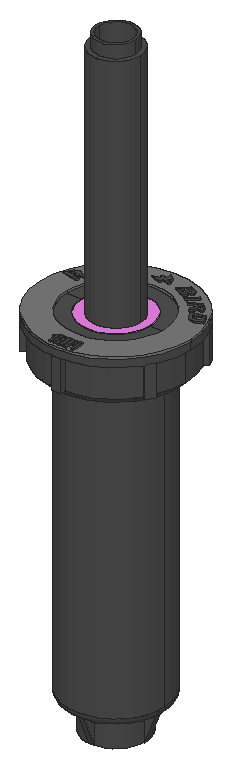
Revit family "Spray Bodies RD1800-NP Series", category Acessórios do tubo, Revit 2020
Family settings
  Cota do conector redondo = Utilizar diâmetro
  Tipo de parte = Normal
  Número OmniClass = 23.60.30.11.14
  Título OmniClass = Pipework Fittings
  Com base no plano de trabalho = Não
  Sempre na vertical = Sim
  Corte com vazios quando carregada = Não
  Compartilhado = Não
Parameters (values of type "RD1804-NP")
  White Plastic = Purple Plastic
  URL = "https://www.rainbird.com/"
  SupportProjetos: Reviw Date = "15/11/2020"  # constant formula
  SupportProjetos: Reviw = "R01"  # constant formula
  SupportProjetos: Level of Detail = "LOD 300"  # constant formula
  SupportProjetos: Developed = "MICHEL SOARES MOTA"  # constant formula
  SupportProjetos: Creation Date = "13/07/2020"  # constant formula
  Side inlet = Model > 1805  # no
  RainBird: Product Link = "https://store.rainbird.com/sprinklers/spray-heads.html?sprays_sprayheadseries=117"
  RainBird: Description = "Spray Bodies Serie RD1800-NP - Model RD1804-NP"
  RainBird: Comment [instance] = ""
  RT = 0.3015 cm
  RN = 1 cm
  R5 = 1 cm
  R4 = 1.25 cm
  R3 = 2 cm
  R2 = 2.85 cm
  R1 = 1 cm
  R-VAN = yes
  Pop up height = 10.2 cm
  Pop up on [instance] = yes
  Modelo = "RD1804"
  Model = 1804
  H1 = Body height / 3  # 5.0667 cm
  Elevação padrão = 0 cm
  Descrição = RainBird: Description  # "Spray Bodies Serie RD1800-NP - Model RD1804-NP"
  DT8 = 0.08 cm
  DT7 = 3.05 cm
  DT6 = 2 cm
  DT5 = 0.12 cm
  DT4 = 0.5 cm
  DT3 = 0.7973 cm
  DT2 = 1 cm
  DT1 = 1.4 cm
  DD9 = 1.3673 cm
  DD8 [instance] = if(Pop up on, Pop up height, 0 cm)  # 10.2 cm
  DD7 = 0.6 cm
  DD6 = 0.3 cm
  DD5 = 0.2 cm
  DD3 = 1.8 cm
  DD2 = 0.5 cm
  DD13 = 1.5 cm
  DD12 [instance] = if(Pop up on, Pop up height + 1.51 cm, 0 cm)  # 11.71 cm
  DD11 = 0.2 cm
  DD10 = 2.7818 cm
  DD1 = 1.2 cm
  Conection = 1.91 cm  # constant formula
  Body height = 15.2 cm
  Black Plastic 2 = Black Plastic 2
  Black Plastic = Black Plastic
  Arch Angle [instance] = 180.00°
  AA1 = 135.00°
  1812 = no
  1806 = no
  1804 = yes
  180 = yes
Reference planes (cm)
  plane 1 "Centro (Frente/Trás)": y = 0
  plane 2: z = 0
  plane 3 "Centro (Esquerda/Direita)": x = 0
  plane 4: z = 0.12
  plane 5: z = 0.08
  plane 6: y = -2
Forms (cm)
  Revolve 1, solid, material "Black Plastic" <- "Black Plastic"
    sketch origin (0, 0, 0) x (1, 0, 0) y (0, 0, 1)
      loop
        line (2.85, -1.5672) -> (2.85, -0.3) -> (3.05, -0.3) -> (3.05, 0) -> (1.4, 0) -> (1.4, -1) -> (1, -1) -> (1, -10.2) -> (0.6, -10.2) -> (0.6, -14) -> (1, -14) -> (1, -15.2) -> (1.25, -15.2) -> (1.25, -14) -> (1.6985, -14)
        arc (1.6985, -14) -> (1.9117, -13.9117) -> (2, -13.6985) r 0.3015
        line (2, -13.6985) -> (2, -2.1015)
        arc (2, -2.1015) -> (2.0883, -1.8883) -> (2.3015, -1.8) r 0.3015
        line (2.3015, -1.8) -> (2.6172, -1.8) -> (2.85, -1.5672)
      axis (0, -15.2) -> (0, 0)
    angle from 0 to 360
  Extrusion 2, solid, material "Black Plastic" <- "Black Plastic"
    sketch origin (0, 0, 0) x (1, 0, 0) y (0, 1, 0)
      loop
        circle (0, 0) r 1
    from -10.2 to 10.2
  Extrusion 3, void
    sketch origin (0, 0, 0) x (1, 0, 0) y (0, 1, 0)
      loop
        circle (0, 0) r 1
      loop
        circle (0, 0) r 0.7973
    from 9.7 to 10.2
  Extrusion 4, solid, material "Black Plastic" <- "Black Plastic", visible <- "180"
    sketch origin (0, -2.5, 0) x (1, 0, 0) y (0, 1, 0)
      loop
        line (-2.231, 3.2135) -> (-2.1644, 3.3339) -> (-2.3679, 3.3844) -> (-2.2992, 3.5085) -> (-2.0365, 3.4904) -> (-1.9715, 3.608) -> (-2.2887, 3.6298) -> (-2.4263, 3.706) -> (-2.6398, 3.6445) -> (-2.8298, 3.3622) -> (-2.231, 3.2135)
      loop
        line (-2.6663, 3.4585) -> (-2.4339, 3.4008) -> (-2.3526, 3.5478) -> (-2.4178, 3.6107) -> (-2.5587, 3.5701) -> (-2.6663, 3.4585)
      loop
        line (-1.9163, 3.7039) -> (-1.8175, 3.8064) -> (-1.8808, 3.8933) -> (-1.7232, 4.0568) -> (-1.6371, 4.0092) -> (-1.5763, 4.1193) -> (-2.1283, 4.1963) -> (-2.2118, 4.1098) -> (-1.9163, 3.7039)
      loop
        line (-2.0723, 4.0915) -> (-1.9537, 3.9286) -> (-1.8139, 4.0736) -> (-2.0723, 4.0915)
      loop
        line (-1.8177, 4.5186) -> (-1.3486, 4.2146) -> (-1.2727, 4.2934) -> (-1.7417, 4.5974) -> (-1.8177, 4.5186)
      loop
        line (-1.1151, 4.372) -> (-1.0305, 4.4599) -> (-1.2636, 4.6846) -> (-0.7593, 4.6142) -> (-0.6667, 4.7103) -> (-1.0803, 5.0567) -> (-1.1605, 4.9984) -> (-0.8466, 4.7354) -> (-1.4131, 4.8145) -> (-1.5049, 4.7477) -> (-1.1151, 4.372)
      loop
        line (-0.4562, 4.9237) -> (-0.283, 4.8466) -> (-0.0843, 4.7934) -> (0, 4.9138) -> (0.2358, 4.8722) -> (0.2981, 4.9345) -> (0.116, 5.0156) -> (0.2085, 5.1477) -> (-0.0336, 5.3172) -> (-0.0336, 5.1849) -> (-0.0336, 5.0821) -> (-0.1724, 5.1439) -> (-0.2428, 5.1033) -> (-0.1476, 5.0081) -> (-0.274, 4.9621) -> (-0.4562, 4.9237)
      loop
        line (0.6147, 4.7728) -> (0.9327, 4.5929) -> (1.0885, 4.5721) -> (1.1808, 4.6694) -> (1.1317, 4.7723) -> (1.2619, 4.7549) -> (1.334, 4.8309) -> (1.2754, 4.9539) -> (0.9573, 5.1338) -> (0.6147, 4.7728)
      loop
        line (0.8462, 4.8897) -> (0.7501, 4.7884) -> (0.9556, 4.6722) -> (1.0744, 4.6732) -> (1.0734, 4.7801) -> (0.8462, 4.8897)
      loop
        line (0.9989, 5.0507) -> (0.9222, 4.9699) -> (1.1173, 4.8595) -> (1.2037, 4.8602) -> (1.1883, 4.9435) -> (0.9989, 5.0507)
      loop
        line (1.2199, 4.4305) -> (1.3171, 4.3754) -> (1.7079, 4.7092) -> (1.6106, 4.7642) -> (1.2199, 4.4305)
      loop
        line (1.9335, 4.5079) -> (1.472, 4.2878) -> (1.5637, 4.2008) -> (1.7245, 4.2775) -> (1.8813, 4.1484) -> (1.7689, 4.0299) -> (1.857, 3.9063) -> (1.985, 3.9976) -> (2.0031, 4.1334) -> (2.1114, 4.0951) -> (2.2369, 4.155) -> (2.156, 4.3246) -> (1.9335, 4.5079)
      loop
        line (1.9261, 4.4053) -> (1.8225, 4.3559) -> (1.9436, 4.2141) -> (2.1112, 4.2155) -> (2.0556, 4.3321) -> (1.9261, 4.4053)
      loop
        line (1.9557, 3.8215) -> (2.1968, 3.4836) -> (2.3925, 3.4143) -> (2.7137, 3.5675) -> (2.6804, 3.6964) -> (2.4921, 3.9603) -> (1.9557, 3.8215)
      loop
        line (2.1302, 3.7523) -> (2.2577, 3.5736) -> (2.4889, 3.5756) -> (2.5959, 3.652) -> (2.4629, 3.8384) -> (2.1302, 3.7523)
      loop
        line (-0.516, -0.0627) -> (-0.4245, -0.0627) -> (-0.4245, -0.3834) -> (-0.3366, -0.3834) -> (-0.3366, 0.1166) -> (-0.516, -0.0627)
      loop
        line (-0.2745, 0.1165) -> (-0.2745, -0.3834) -> (-0.0345, -0.3834) -> (-0.0345, 0.1165) -> (-0.2745, 0.1165)
      loop
        line (-0.1945, 0.0365) -> (-0.1945, -0.0861) -> (-0.1145, -0.0861) -> (-0.1145, 0.0365) -> (-0.1945, 0.0365)
      loop
        line (-0.1945, -0.1661) -> (-0.1945, -0.3034) -> (-0.1145, -0.3034) -> (-0.1145, -0.1661) -> (-0.1945, -0.1661)
      loop
        line (0.0395, 0.1165) -> (0.0395, -0.3834) -> (0.2795, -0.3834) -> (0.2795, 0.1165) -> (0.0395, 0.1165)
      loop
        line (0.1195, 0.0365) -> (0.1195, -0.3034) -> (0.1995, -0.3034) -> (0.1995, 0.0365) -> (0.1195, 0.0365)
    from 0 to 0.12
  Extrusion 5, solid, material "Black Plastic 2" <- "Black Plastic 2"
    sketch origin (0, 0, 0) x (1, 0, 0) y (0, 1, 0)
      loop
        circle (0, 0) r 3.05
      loop
        circle (0, 0) r 2
    from 0 to 0.08
  Extrusion 6, solid, material "Black Plastic" <- "Black Plastic", visible <- "Side inlet"
    sketch origin (0, 0, 0) x (1, 0, 0) y (0, 0, 1)
      loop
        circle (0, -5.0667) r 1
    from 2 to 3.3673
  Extrusion 7, solid, material "Black Plastic" <- "Black Plastic", visible <- "Side inlet"
    sketch origin (0, 0, 0) x (1, 0, 0) y (0, 0, 1)
      loop
        circle (0, -5.0667) r 0.7964
    from 3.3673 to 3.8673
  Extrusion 8, void
    sketch origin (0, 0, 0) x (1, 0, 0) y (0, 1, 0)
      loop
        circle (0, 0) r 0.6963
    from -10.2 to 10.2
  Extrusion 9, solid, material "Black Plastic" <- "Black Plastic"
    sketch origin (0, 0, 0) x (0, 1, 0) y (0, 0, 1)
      loop
        line (1.25, -14) -> (1.25, -15.2) -> (1.75, -14) -> (1.25, -14)
      loop
        line (-1.25, -14) -> (-1.75, -14) -> (-1.25, -15.2) -> (-1.25, -14)
    from -0.1 to 0.1
  Extrusion 10, solid, material "Black Plastic" <- "Black Plastic"
    sketch origin (0, 0, 0) x (-1, 0, 0) y (0, 0, 1)
      loop
        line (1.25, -14) -> (1.25, -15.2) -> (1.75, -14) -> (1.25, -14)
      loop
        line (-1.25, -14) -> (-1.75, -14) -> (-1.25, -15.2) -> (-1.25, -14)
    from -0.1 to 0.1
  Extrusion 11, solid, material "Black Plastic" <- "Black Plastic", visible <- "1804"
    sketch origin (0.5778, -2.5, 0) x (1, 0, 0) y (0, 1, 0)
      loop
        line (-0.268, -0.156) -> (-0.108, -0.156) -> (-0.108, -0.3834) -> (-0.024, -0.3834) -> (-0.024, 0.1165) -> (-0.108, 0.1165) -> (-0.108, -0.0861) -> (-0.188, -0.0861) -> (-0.188, 0.1165) -> (-0.268, 0.1165) -> (-0.268, -0.156)
    from 0 to 0.12
  Extrusion 12, solid, material "Black Plastic" <- "Black Plastic", visible <- "1806"
    sketch origin (0.5778, -2.5, 0) x (1, 0, 0) y (0, 1, 0)
      loop
        line (-0.268, -0.3834) -> (-0.024, -0.3834) -> (-0.024, -0.0861) -> (-0.188, -0.0861) -> (-0.188, 0.0365) -> (-0.024, 0.0365) -> (-0.024, 0.1165) -> (-0.268, 0.1165) -> (-0.268, -0.3834)
      loop
        line (-0.188, -0.1661) -> (-0.188, -0.3034) -> (-0.108, -0.3034) -> (-0.108, -0.1661) -> (-0.188, -0.1661)
    from 0 to 0.12
  Extrusion 13, solid, material "Black Plastic" <- "Black Plastic", visible <- "1812"
    sketch origin (0, -2.5, 0) x (1, 0, 0) y (0, 1, 0)
      loop
        line (-2.231, 3.2135) -> (-2.1644, 3.3339) -> (-2.3679, 3.3844) -> (-2.2992, 3.5085) -> (-2.0365, 3.4904) -> (-1.9715, 3.608) -> (-2.2887, 3.6298) -> (-2.4263, 3.706) -> (-2.6398, 3.6445) -> (-2.8298, 3.3622) -> (-2.231, 3.2135)
      loop
        line (-2.6663, 3.4585) -> (-2.4339, 3.4008) -> (-2.3526, 3.5478) -> (-2.4178, 3.6107) -> (-2.5587, 3.5701) -> (-2.6663, 3.4585)
      loop
        line (-1.9163, 3.7039) -> (-1.8175, 3.8064) -> (-1.8808, 3.8933) -> (-1.7232, 4.0568) -> (-1.6371, 4.0092) -> (-1.5763, 4.1193) -> (-2.1283, 4.1963) -> (-2.2118, 4.1098) -> (-1.9163, 3.7039)
      loop
        line (-2.0723, 4.0915) -> (-1.9537, 3.9286) -> (-1.8139, 4.0736) -> (-2.0723, 4.0915)
      loop
        line (-1.8177, 4.5186) -> (-1.3486, 4.2146) -> (-1.2727, 4.2934) -> (-1.7417, 4.5974) -> (-1.8177, 4.5186)
      loop
        line (-1.1151, 4.372) -> (-1.0305, 4.4599) -> (-1.2636, 4.6846) -> (-0.7593, 4.6142) -> (-0.6667, 4.7103) -> (-1.0803, 5.0567) -> (-1.1605, 4.9984) -> (-0.8466, 4.7354) -> (-1.4131, 4.8145) -> (-1.5049, 4.7477) -> (-1.1151, 4.372)
      loop
        line (-0.4562, 4.9237) -> (-0.283, 4.8466) -> (-0.0843, 4.7934) -> (0, 4.9138) -> (0.2358, 4.8722) -> (0.2981, 4.9345) -> (0.116, 5.0156) -> (0.2085, 5.1477) -> (-0.0336, 5.3172) -> (-0.0336, 5.1849) -> (-0.0336, 5.0821) -> (-0.1724, 5.1439) -> (-0.2428, 5.1033) -> (-0.1476, 5.0081) -> (-0.274, 4.9621) -> (-0.4562, 4.9237)
      loop
        line (0.6147, 4.7728) -> (0.9327, 4.5929) -> (1.0885, 4.5721) -> (1.1808, 4.6694) -> (1.1317, 4.7723) -> (1.2619, 4.7549) -> (1.334, 4.8309) -> (1.2754, 4.9539) -> (0.9573, 5.1338) -> (0.6147, 4.7728)
      loop
        line (0.8462, 4.8897) -> (0.7501, 4.7884) -> (0.9556, 4.6722) -> (1.0744, 4.6732) -> (1.0734, 4.7801) -> (0.8462, 4.8897)
      loop
        line (0.9989, 5.0507) -> (0.9222, 4.9699) -> (1.1173, 4.8595) -> (1.2037, 4.8602) -> (1.1883, 4.9435) -> (0.9989, 5.0507)
      loop
        line (1.2199, 4.4305) -> (1.3171, 4.3754) -> (1.7079, 4.7092) -> (1.6106, 4.7642) -> (1.2199, 4.4305)
      loop
        line (1.9335, 4.5079) -> (1.472, 4.2878) -> (1.5637, 4.2008) -> (1.7245, 4.2775) -> (1.8813, 4.1484) -> (1.7689, 4.0299) -> (1.857, 3.9063) -> (1.985, 3.9976) -> (2.0031, 4.1334) -> (2.1114, 4.0951) -> (2.2369, 4.155) -> (2.156, 4.3246) -> (1.9335, 4.5079)
      loop
        line (1.9261, 4.4053) -> (1.8225, 4.3559) -> (1.9436, 4.2141) -> (2.1112, 4.2155) -> (2.0556, 4.3321) -> (1.9261, 4.4053)
      loop
        line (1.9557, 3.8215) -> (2.1968, 3.4836) -> (2.3925, 3.4143) -> (2.7137, 3.5675) -> (2.6804, 3.6964) -> (2.4921, 3.9603) -> (1.9557, 3.8215)
      loop
        line (2.1302, 3.7523) -> (2.2577, 3.5736) -> (2.4889, 3.5756) -> (2.5959, 3.652) -> (2.4629, 3.8384) -> (2.1302, 3.7523)
      loop
        line (-0.516, -0.0625) -> (-0.4245, -0.0625) -> (-0.4245, -0.3832) -> (-0.3366, -0.3832) -> (-0.3366, 0.1168) -> (-0.516, -0.0625)
      loop
        line (-0.2745, 0.1166) -> (-0.2745, -0.3832) -> (-0.0345, -0.3832) -> (-0.0345, 0.1166) -> (-0.2745, 0.1166)
      loop
        line (-0.1945, 0.0366) -> (-0.1945, -0.086) -> (-0.1145, -0.086) -> (-0.1145, 0.0366) -> (-0.1945, 0.0366)
      loop
        line (-0.1945, -0.166) -> (-0.1945, -0.3032) -> (-0.1145, -0.3032) -> (-0.1145, -0.166) -> (-0.1945, -0.166)
      loop
        line (0.2795, 0.1166) -> (0.1002, -0.0625) -> (0.1916, -0.0625) -> (0.1916, -0.3831) -> (0.2795, -0.3831) -> (0.2795, 0.1166)
      loop
        line (0.3097, 0.1165) -> (0.3097, 0.0365) -> (0.4697, 0.0365) -> (0.4697, -0.0861) -> (0.3097, -0.0861) -> (0.3097, -0.3834) -> (0.5537, -0.3834) -> (0.5537, -0.3032) -> (0.3897, -0.3032) -> (0.3897, -0.1664) -> (0.5537, -0.1664) -> (0.5537, 0.1165) -> (0.3097, 0.1165)
    from 0 to 0.12
  Extrusion 14, solid, material "Black Plastic" <- "Black Plastic"
    sketch origin (0, 0, 0) x (1, 0, 0) y (0, 1, 0)
      loop
        line (-0.1873, 3.0442) -> (-0.1873, 2.8126)
        arc (-0.1873, 2.8126) -> (0, 2.8188) -> (0.1873, 2.8126) r 2.8188
        line (0.1873, 2.8126) -> (0.1873, 3.0442)
        arc (0.1873, 3.0442) -> (0, 3.05) -> (-0.1873, 3.0442) r 3.05
      loop
        arc (-0.1873, -3.0442) -> (0, -3.05) -> (0.1873, -3.0442) r 3.05
        line (0.1873, -3.0442) -> (0.1873, -2.8126)
        arc (0.1873, -2.8126) -> (0, -2.8188) -> (-0.1873, -2.8126) r 2.8188
        line (-0.1873, -2.8126) -> (-0.1873, -3.0442)
      loop
        line (-2.73, 1.3599) -> (-2.5294, 1.2441)
        arc (-2.5294, 1.2441) -> (-2.4411, 1.4094) -> (-2.3421, 1.5685) r 2.8188
        line (-2.3421, 1.5685) -> (-2.5427, 1.6843)
        arc (-2.5427, 1.6843) -> (-2.6414, 1.525) -> (-2.73, 1.3599) r 3.05
      loop
        arc (2.5427, -1.6843) -> (2.6414, -1.525) -> (2.73, -1.3599) r 3.05
        line (2.73, -1.3599) -> (2.5294, -1.2441)
        arc (2.5294, -1.2441) -> (2.4411, -1.4094) -> (2.3421, -1.5685) r 2.8188
        line (2.3421, -1.5685) -> (2.5427, -1.6843)
      loop
        line (-2.5427, -1.6843) -> (-2.3421, -1.5685)
        arc (-2.3421, -1.5685) -> (-2.4411, -1.4094) -> (-2.5294, -1.2441) r 2.8188
        line (-2.5294, -1.2441) -> (-2.73, -1.3599)
        arc (-2.73, -1.3599) -> (-2.6414, -1.525) -> (-2.5427, -1.6843) r 3.05
      loop
        arc (2.73, 1.3599) -> (2.6414, 1.525) -> (2.5427, 1.6843) r 3.05
        line (2.5427, 1.6843) -> (2.3421, 1.5685)
        arc (2.3421, 1.5685) -> (2.4411, 1.4094) -> (2.5294, 1.2441) r 2.8188
        line (2.5294, 1.2441) -> (2.73, 1.3599)
    from -1.5672 to -0.3
Cuts and joins
  Extrusion 3, Extrusion 8 cuts Extrusion 2
Dimensions and locks (cm)
  "Body height": level to Revolve 1 sketch curve
  "R2": Revolve 1 sketch curve to plane 3 "Centro (Esquerda/Direita)"
  "DD1": Revolve 1 sketch curve to Revolve 1 sketch curve
  "DD3": level to Revolve 1 sketch curve
  "R3": Revolve 1 sketch curve to plane 3 "Centro (Esquerda/Direita)"
  "R4": Revolve 1 sketch curve to plane 3 "Centro (Esquerda/Direita)"
  "DD5": Revolve 1 sketch curve to Revolve 1 sketch curve
  "DD6": level to Revolve 1 sketch curve
  "RN": Revolve 1 sketch curve to plane 3 "Centro (Esquerda/Direita)"
  "Pop up height": level to Revolve 1 sketch curve
  "R5": plane 3 "Centro (Esquerda/Direita)" to Revolve 1 sketch curve
  "DD7": Revolve 1 sketch curve to plane 3 "Centro (Esquerda/Direita)"
  "DT1": plane 3 "Centro (Esquerda/Direita)" to Revolve 1 sketch curve
  "DT2": level to Revolve 1 sketch curve
  "DD8": Extrusion 2 to level
  "DT4": cut or joined group of Extrusion 2, Extrusion 3, Extrusion 8 to cut or joined group of Extrusion 2, Extrusion 3, Extrusion 8
  "DT5": plane 4 to level
  "DT8": plane 5 to level
  "H1": level to Extrusion 6 sketch curve
  "R3": plane 6 to plane 1 "Centro (Frente/Trás)"
  "DD9": Extrusion 6 to plane 6
  locked: Extrusion 7 to Extrusion 6 at 0.5
  "H1": level to Extrusion 7 sketch curve
  equal spacing: Extrusion 9, plane 3 "Centro (Esquerda/Direita)", Extrusion 9
  "DD11": Extrusion 9 to Extrusion 9
  equal spacing: Extrusion 10, plane 1 "Centro (Frente/Trás)", Extrusion 10
  "DD11": Extrusion 10 to Extrusion 10
  plane 3 "Centro (Esquerda/Direita)" to Extrusion 14 = 0.1873 cm
  "RT": radius of Revolve 1 sketch curve  (x2)
  "R1": radius of Extrusion 2 sketch curve
  "R1": radius of Extrusion 3 sketch curve
  "DT3": radius of Extrusion 3 sketch curve
  "DT6": radius of Extrusion 5 sketch curve
  "DT7": radius of Extrusion 5 sketch curve
  "AA1": angle Revolve 1 sketch curve to Revolve 1 sketch curve
  aligned and locked: level to plane 2
  aligned and locked: level to Revolve 1 sketch curve
  aligned and locked: Revolve 1 sketch curve to Revolve 1 sketch curve
  aligned and locked: Extrusion 2 to Revolve 1
  aligned and locked: cut or joined group of Extrusion 2, Extrusion 3, Extrusion 8 to cut or joined group of Extrusion 2, Extrusion 3, Extrusion 8  (x3)
  aligned and locked: Extrusion 4 to level
  aligned and locked: plane 4 to Extrusion 4
  aligned and locked: Extrusion 5 to level
  aligned and locked: plane 5 to Extrusion 5
  aligned and locked: plane 6 to Extrusion 6
  aligned and locked: Extrusion 7 to Extrusion 6
  aligned and locked: Extrusion 9 to Revolve 1
  aligned and locked: Extrusion 10 to Revolve 1
  aligned and locked: Revolve 1 to Extrusion 10
  aligned and locked: Revolve 1 to Extrusion 9
  aligned and locked: Revolve 1 to Extrusion 14  (x2)
Automatic sketch dimensions
  plane 1 "Centro (Frente/Trás)" to Extrusion 2 sketch curve = 0 cm
  Extrusion 2 sketch curve to plane 3 "Centro (Esquerda/Direita)" = 0 cm
  Extrusion 4 sketch curve to plane 3 "Centro (Esquerda/Direita)" = 0 cm
  Extrusion 4 sketch curve to plane 3 "Centro (Esquerda/Direita)" = 0.0336 cm
  Extrusion 4 sketch curve to plane 3 "Centro (Esquerda/Direita)" = 0.0345 cm
  Extrusion 4 sketch curve to plane 3 "Centro (Esquerda/Direita)" = 0.0843 cm
  Extrusion 4 sketch curve to plane 3 "Centro (Esquerda/Direita)" = 0.1145 cm
  Extrusion 4 sketch curve to Extrusion 4 sketch curve = 0.08 cm  (x11)
  Extrusion 4 sketch curve to Extrusion 4 sketch curve = 0.114 cm
  Extrusion 4 sketch curve to Extrusion 4 sketch curve = 0.0248 cm
  Extrusion 4 sketch curve to Extrusion 4 sketch curve = 0.0704 cm
  Extrusion 4 sketch curve to Extrusion 4 sketch curve = 0.1264 cm
  Extrusion 4 sketch curve to Extrusion 4 sketch curve = 0.009 cm
  Extrusion 4 sketch curve to Extrusion 4 sketch curve = 0.0622 cm  (x3)
  Extrusion 4 sketch curve to Extrusion 4 sketch curve = 0.0879 cm
  Extrusion 4 sketch curve to Extrusion 4 sketch curve = 0.1822 cm
  Extrusion 4 sketch curve to Extrusion 4 sketch curve = 0.0914 cm
  Extrusion 4 sketch curve to Extrusion 4 sketch curve = 0.2105 cm
  Extrusion 4 sketch curve to Extrusion 4 sketch curve = 0.0927 cm
  Extrusion 4 sketch curve to Extrusion 4 sketch curve = 0.0872 cm  (x2)
  Extrusion 4 sketch curve to Extrusion 4 sketch curve = 0.2711 cm
  Extrusion 4 sketch curve to Extrusion 4 sketch curve = 0.2338 cm
  Extrusion 4 sketch curve to Extrusion 4 sketch curve = 0.0847 cm  (x2)
  Extrusion 4 sketch curve to Extrusion 4 sketch curve = 0.0802 cm
  Extrusion 4 sketch curve to Extrusion 4 sketch curve = 0.2331 cm
  Extrusion 4 sketch curve to Extrusion 4 sketch curve = 0.1575 cm
  Extrusion 4 sketch curve to Extrusion 4 sketch curve = 0.0759 cm  (x2)
  Extrusion 4 sketch curve to Extrusion 4 sketch curve = 0.1495 cm
  Extrusion 4 sketch curve to Extrusion 4 sketch curve = 0.0917 cm  (x2)
  Extrusion 4 sketch curve to Extrusion 4 sketch curve = 0.2277 cm
  Extrusion 4 sketch curve to Extrusion 4 sketch curve = 0.0609 cm  (x2)
  Extrusion 4 sketch curve to Extrusion 4 sketch curve = 0.0861 cm
  Extrusion 4 sketch curve to Extrusion 4 sketch curve = 0.2369 cm
  Extrusion 4 sketch curve to Extrusion 4 sketch curve = 0.0907 cm
  Extrusion 4 sketch curve to Extrusion 4 sketch curve = 0.0037 cm
  Extrusion 4 sketch curve to Extrusion 4 sketch curve = 0.0633 cm
  Extrusion 4 sketch curve to Extrusion 4 sketch curve = 0.0988 cm
  Extrusion 4 sketch curve to Extrusion 4 sketch curve = 0.0729 cm
  Extrusion 4 sketch curve to Extrusion 4 sketch curve = 0.0551 cm
  Extrusion 4 sketch curve to plane 1 "Centro (Frente/Trás)" = 0.9904 cm
  Extrusion 4 sketch curve to Extrusion 4 sketch curve = 0.065 cm
  Extrusion 4 sketch curve to Extrusion 4 sketch curve = 0.1186 cm
  Extrusion 4 sketch curve to Extrusion 4 sketch curve = 0.056 cm
  Extrusion 4 sketch curve to plane 1 "Centro (Frente/Trás)" = 0.8339 cm
  Extrusion 4 sketch curve to Extrusion 4 sketch curve = 0.1279 cm
  Extrusion 4 sketch curve to Extrusion 4 sketch curve = 0.0835 cm
  Extrusion 4 sketch curve to plane 1 "Centro (Frente/Trás)" = 0.7135 cm
  Extrusion 4 sketch curve to Extrusion 4 sketch curve = 0.0666 cm  (x2)
  Extrusion 4 sketch curve to plane 1 "Centro (Frente/Trás)" = 1.1298 cm
  Extrusion 4 sketch curve to Extrusion 4 sketch curve = 0.2521 cm
  Extrusion 4 sketch curve to plane 1 "Centro (Frente/Trás)" = 1.0085 cm
  Extrusion 4 sketch curve to Extrusion 4 sketch curve = 0.0106 cm
  Extrusion 4 sketch curve to plane 1 "Centro (Frente/Trás)" = 1.0478 cm
  Extrusion 4 sketch curve to Extrusion 4 sketch curve = 0.0534 cm
  Extrusion 4 sketch curve to plane 1 "Centro (Frente/Trás)" = 0.8844 cm
  Extrusion 4 sketch curve to Extrusion 4 sketch curve = 0.0686 cm
  Extrusion 4 sketch curve to plane 1 "Centro (Frente/Trás)" = 1.1107 cm
  Extrusion 4 sketch curve to Extrusion 4 sketch curve = 0.0652 cm
  Extrusion 4 sketch curve to plane 1 "Centro (Frente/Trás)" = 1.206 cm
  Extrusion 4 sketch curve to Extrusion 4 sketch curve = 0.0084 cm
  Extrusion 4 sketch curve to plane 1 "Centro (Frente/Trás)" = 0.9008 cm
  Extrusion 4 sketch curve to Extrusion 4 sketch curve = 0.066 cm
  Extrusion 4 sketch curve to plane 1 "Centro (Frente/Trás)" = 1.0701 cm
  Extrusion 4 sketch curve to Extrusion 4 sketch curve = 0.1408 cm
  Extrusion 4 sketch curve to plane 1 "Centro (Frente/Trás)" = 1.1445 cm
  Extrusion 4 sketch curve to Extrusion 4 sketch curve = 0.0811 cm  (x2)
  Extrusion 4 sketch curve to plane 1 "Centro (Frente/Trás)" = 0.9585 cm
  Extrusion 4 sketch curve to Extrusion 4 sketch curve = 0.1076 cm
  Extrusion 4 sketch curve to plane 1 "Centro (Frente/Trás)" = 0.8622 cm
  Extrusion 4 sketch curve to Extrusion 4 sketch curve = 0.1635 cm
  plane 3 "Centro (Esquerda/Direita)" to Extrusion 4 sketch curve = 0.0395 cm
  plane 3 "Centro (Esquerda/Direita)" to Extrusion 4 sketch curve = 0.116 cm
  Extrusion 4 sketch curve to Extrusion 4 sketch curve = 0.0925 cm
  Extrusion 4 sketch curve to Extrusion 4 sketch curve = 0.1199 cm
  Extrusion 4 sketch curve to Extrusion 4 sketch curve = 0.3166 cm
  Extrusion 4 sketch curve to Extrusion 4 sketch curve = 0.1353 cm
  Extrusion 4 sketch curve to Extrusion 4 sketch curve = 0.0961 cm  (x2)
  Extrusion 4 sketch curve to Extrusion 4 sketch curve = 0.076 cm  (x2)
  Extrusion 4 sketch curve to Extrusion 4 sketch curve = 0.1827 cm
  Extrusion 4 sketch curve to Extrusion 4 sketch curve = 0.0229 cm
  Extrusion 4 sketch curve to Extrusion 4 sketch curve = 0.0351 cm
  Extrusion 4 sketch curve to Extrusion 4 sketch curve = 0.0416 cm
  Extrusion 4 sketch curve to Extrusion 4 sketch curve = 0.1178 cm
  Extrusion 4 sketch curve to Extrusion 4 sketch curve = 0.0009 cm
  Extrusion 4 sketch curve to Extrusion 4 sketch curve = 0.0141 cm
  Extrusion 4 sketch curve to Extrusion 4 sketch curve = 0.0439 cm
  Extrusion 4 sketch curve to Extrusion 4 sketch curve = 0.0583 cm
  Extrusion 4 sketch curve to Extrusion 4 sketch curve = 0.1064 cm
  Extrusion 4 sketch curve to Extrusion 4 sketch curve = 0.071 cm
  Extrusion 4 sketch curve to Extrusion 4 sketch curve = 0.0154 cm
  Extrusion 4 sketch curve to Extrusion 4 sketch curve = 0.1314 cm
  Extrusion 4 sketch curve to Extrusion 4 sketch curve = 0.0871 cm
  Extrusion 4 sketch curve to Extrusion 4 sketch curve = 0.0973 cm  (x3)
  Extrusion 4 sketch curve to Extrusion 4 sketch curve = 0.0721 cm
  Extrusion 4 sketch curve to Extrusion 4 sketch curve = 0.1549 cm
  Extrusion 4 sketch curve to Extrusion 4 sketch curve = 0.2766 cm
  Extrusion 4 sketch curve to Extrusion 4 sketch curve = 0.1608 cm
  Extrusion 4 sketch curve to Extrusion 4 sketch curve = 0.0443 cm
  Extrusion 4 sketch curve to Extrusion 4 sketch curve = 0.098 cm
  Extrusion 4 sketch curve to Extrusion 4 sketch curve = 0.0882 cm
  Extrusion 4 sketch curve to Extrusion 4 sketch curve = 0.1125 cm
  Extrusion 4 sketch curve to Extrusion 4 sketch curve = 0.1036 cm
  Extrusion 4 sketch curve to Extrusion 4 sketch curve = 0.0073 cm
  Extrusion 4 sketch curve to Extrusion 4 sketch curve = 0.0623 cm
  Extrusion 4 sketch curve to Extrusion 4 sketch curve = 0.0987 cm
  Extrusion 4 sketch curve to Extrusion 4 sketch curve = 0.128 cm
  Extrusion 4 sketch curve to Extrusion 4 sketch curve = 0.0595 cm
  Extrusion 4 sketch curve to Extrusion 4 sketch curve = 0.1295 cm
  Extrusion 4 sketch curve to Extrusion 4 sketch curve = 0.0556 cm
  Extrusion 4 sketch curve to Extrusion 4 sketch curve = 0.1083 cm
  Extrusion 4 sketch curve to Extrusion 4 sketch curve = 0.1745 cm
  Extrusion 4 sketch curve to Extrusion 4 sketch curve = 0.1004 cm
  Extrusion 4 sketch curve to plane 1 "Centro (Frente/Trás)" = 0.9836 cm
  Extrusion 4 sketch curve to Extrusion 4 sketch curve = 0.1255 cm
  Extrusion 4 sketch curve to plane 1 "Centro (Frente/Trás)" = 1.0736 cm
  Extrusion 4 sketch curve to plane 1 "Centro (Frente/Trás)" = 0.9143 cm
  Extrusion 4 sketch curve to Extrusion 4 sketch curve = 0.1957 cm
  Extrusion 4 sketch curve to Extrusion 4 sketch curve = 0.2053 cm
  Extrusion 4 sketch curve to plane 1 "Centro (Frente/Trás)" = 1.0756 cm
  Extrusion 4 sketch curve to Extrusion 4 sketch curve = 0.0964 cm
  Extrusion 4 sketch curve to Extrusion 4 sketch curve = 0.0292 cm
  Extrusion 4 sketch curve to plane 1 "Centro (Frente/Trás)" = 1.152 cm
  Extrusion 4 sketch curve to Extrusion 4 sketch curve = 0.107 cm
  Extrusion 4 sketch curve to plane 1 "Centro (Frente/Trás)" = 1.1964 cm
  Extrusion 4 sketch curve to Extrusion 4 sketch curve = 0.0844 cm
  Extrusion 4 sketch curve to plane 1 "Centro (Frente/Trás)" = 1.0675 cm
  Extrusion 4 sketch curve to Extrusion 4 sketch curve = 0.0333 cm
  Extrusion 4 sketch curve to plane 6 = 0.3834 cm
  Extrusion 4 sketch curve to Extrusion 4 sketch curve = 0.0001 cm
  Extrusion 4 sketch curve to Extrusion 4 sketch curve = 0 cm  (x4)
  Extrusion 4 sketch curve to Extrusion 4 sketch curve = 0.1793 cm
  Extrusion 4 sketch curve to Extrusion 4 sketch curve = 0.1226 cm
  Extrusion 4 sketch curve to Extrusion 4 sketch curve = 0.1372 cm
  Extrusion 4 sketch curve to Extrusion 4 sketch curve = 0.1176 cm
  Extrusion 4 sketch curve to Extrusion 4 sketch curve = 0.096 cm
  Extrusion 4 sketch curve to Extrusion 4 sketch curve = 0.1787 cm
  Extrusion 4 sketch curve to Extrusion 4 sketch curve = 0.1025 cm
  Extrusion 4 sketch curve to Extrusion 4 sketch curve = 0.0692 cm
  Extrusion 4 sketch curve to Extrusion 4 sketch curve = 0.0869 cm
  Extrusion 4 sketch curve to Extrusion 4 sketch curve = 0.0353 cm
  Extrusion 4 sketch curve to Extrusion 4 sketch curve = 0.1219 cm
  Extrusion 4 sketch curve to Extrusion 4 sketch curve = 0.0913 cm
  Extrusion 4 sketch curve to Extrusion 4 sketch curve = 0.1159 cm
  Extrusion 4 sketch curve to Extrusion 4 sketch curve = 0.0476 cm
  Extrusion 4 sketch curve to Extrusion 4 sketch curve = 0.0168 cm
  Extrusion 4 sketch curve to Extrusion 4 sketch curve = 0.1629 cm
  Extrusion 4 sketch curve to Extrusion 4 sketch curve = 0.0975 cm
  Extrusion 4 sketch curve to Extrusion 4 sketch curve = 0.0183 cm
  Extrusion 4 sketch curve to Extrusion 4 sketch curve = 0.0383 cm
  Extrusion 4 sketch curve to Extrusion 4 sketch curve = 0.015 cm
  Extrusion 4 sketch curve to Extrusion 4 sketch curve = 0.0599 cm
  Extrusion 4 sketch curve to Extrusion 4 sketch curve = 0.1049 cm
  Extrusion 4 sketch curve to Extrusion 4 sketch curve = 0.1709 cm
  Extrusion 4 sketch curve to Extrusion 4 sketch curve = 0.0657 cm
  Extrusion 4 sketch curve to Extrusion 4 sketch curve = 0.0953 cm
  Extrusion 4 sketch curve to Extrusion 4 sketch curve = 0.1091 cm
  Extrusion 4 sketch curve to Extrusion 4 sketch curve = 0.0767 cm
  Extrusion 4 sketch curve to Extrusion 4 sketch curve = 0.087 cm
  Extrusion 4 sketch curve to Extrusion 4 sketch curve = 0.0788 cm  (x3)
  Extrusion 4 sketch curve to Extrusion 4 sketch curve = 0.0074 cm
  Extrusion 4 sketch curve to Extrusion 4 sketch curve = 0.0783 cm
  Extrusion 4 sketch curve to Extrusion 4 sketch curve = 0.0787 cm
  Extrusion 4 sketch curve to Extrusion 4 sketch curve = 0.0876 cm
  Extrusion 4 sketch curve to Extrusion 4 sketch curve = 0.0494 cm
  Extrusion 4 sketch curve to Extrusion 4 sketch curve = 0.055 cm  (x2)
  Extrusion 4 sketch curve to Extrusion 4 sketch curve = 0.0878 cm
  Extrusion 4 sketch curve to Extrusion 4 sketch curve = 0.1026 cm
  Extrusion 4 sketch curve to Extrusion 4 sketch curve = 0.2291 cm
  Extrusion 4 sketch curve to Extrusion 4 sketch curve = 0.1417 cm
  Extrusion 4 sketch curve to Extrusion 4 sketch curve = 0.0208 cm
  Extrusion 4 sketch curve to Extrusion 4 sketch curve = 0.1543 cm
  Extrusion 4 sketch curve to Extrusion 4 sketch curve = 0.0792 cm
  Extrusion 4 sketch curve to Extrusion 4 sketch curve = 0.1011 cm
  Extrusion 4 sketch curve to Extrusion 4 sketch curve = 0.2013 cm
  Extrusion 4 sketch curve to Extrusion 4 sketch curve = 0.1212 cm
  Extrusion 4 sketch curve to Extrusion 4 sketch curve = 0.0855 cm
  Extrusion 4 sketch curve to Extrusion 4 sketch curve = 0.0078 cm
  Extrusion 4 sketch curve to Extrusion 4 sketch curve = 0.1007 cm
  Extrusion 4 sketch curve to Extrusion 4 sketch curve = 0.0156 cm
  Extrusion 4 sketch curve to Extrusion 4 sketch curve = 0.0831 cm
  Extrusion 4 sketch curve to Extrusion 4 sketch curve = 0.0668 cm
  Extrusion 4 sketch curve to Extrusion 4 sketch curve = 0.0532 cm
  Extrusion 4 sketch curve to Extrusion 4 sketch curve = 0.0008 cm
  Extrusion 4 sketch curve to Extrusion 4 sketch curve = 0.1013 cm
  Extrusion 4 sketch curve to Extrusion 4 sketch curve = 0.1204 cm
  Extrusion 4 sketch curve to Extrusion 4 sketch curve = 0.0771 cm
  Extrusion 4 sketch curve to Extrusion 4 sketch curve = 0.0832 cm  (x2)
  Extrusion 4 sketch curve to Extrusion 4 sketch curve = 0.0104 cm
  Extrusion 4 sketch curve to Extrusion 4 sketch curve = 0.1155 cm
  Extrusion 4 sketch curve to Extrusion 4 sketch curve = 0.0801 cm
  Extrusion 4 sketch curve to Extrusion 4 sketch curve = 0.1839 cm
  Extrusion 4 sketch curve to Extrusion 4 sketch curve = 0.046 cm
  Extrusion 4 sketch curve to Extrusion 4 sketch curve = 0.1018 cm
  Extrusion 4 sketch curve to Extrusion 4 sketch curve = 0.0808 cm
  Extrusion 4 sketch curve to Extrusion 4 sketch curve = 0.0584 cm
  Extrusion 4 sketch curve to Extrusion 4 sketch curve = 0.074 cm
  Extrusion 4 sketch curve to Extrusion 4 sketch curve = 0.0952 cm
  Extrusion 4 sketch curve to Extrusion 4 sketch curve = 0.0406 cm
  Extrusion 4 sketch curve to Extrusion 4 sketch curve = 0.1321 cm
  Extrusion 4 sketch curve to Extrusion 4 sketch curve = 0.1028 cm
  plane 1 "Centro (Frente/Trás)" to Extrusion 8 sketch curve = 0 cm
  Extrusion 8 sketch curve to plane 3 "Centro (Esquerda/Direita)" = 0 cm
  plane 6 to Extrusion 9 sketch curve = 0.25 cm
  plane 6 to Extrusion 9 sketch curve = 0.75 cm
  Extrusion 9 sketch curve to plane 1 "Centro (Frente/Trás)" = 1.25 cm
  Extrusion 9 sketch curve to Extrusion 9 sketch curve = 0.5 cm
  Extrusion 9 sketch curve to level = 15.2 cm
  Extrusion 9 sketch curve to Extrusion 9 sketch curve = 0 cm
  Extrusion 9 sketch curve to Extrusion 9 sketch curve = 1.2 cm  (x2)
  plane 3 "Centro (Esquerda/Direita)" to Extrusion 10 sketch curve = 1.75 cm
  plane 3 "Centro (Esquerda/Direita)" to Extrusion 10 sketch curve = 1.25 cm
  Extrusion 10 sketch curve to plane 3 "Centro (Esquerda/Direita)" = 1.25 cm
  Extrusion 10 sketch curve to Extrusion 10 sketch curve = 0.5 cm
  Extrusion 10 sketch curve to level = 15.2 cm
  Extrusion 10 sketch curve to Extrusion 10 sketch curve = 0 cm
  Extrusion 10 sketch curve to Extrusion 10 sketch curve = 1.2 cm  (x2)
  plane 3 "Centro (Esquerda/Direita)" to Extrusion 11 sketch curve = 0.3097 cm
  Extrusion 11 sketch curve to Extrusion 11 sketch curve = 0.08 cm  (x2)
  Extrusion 11 sketch curve to Extrusion 11 sketch curve = 0 cm  (x2)
  Extrusion 11 sketch curve to Extrusion 11 sketch curve = 0.084 cm
  Extrusion 11 sketch curve to plane 6 = 0.8834 cm
  Extrusion 11 sketch curve to Extrusion 11 sketch curve = 0.2273 cm
  Extrusion 11 sketch curve to Extrusion 11 sketch curve = 0.0699 cm
  Extrusion 11 sketch curve to Extrusion 11 sketch curve = 0.2026 cm
  plane 3 "Centro (Esquerda/Direita)" to Extrusion 12 sketch curve = 0.3097 cm
  Extrusion 12 sketch curve to Extrusion 12 sketch curve = 0.08 cm  (x6)
  Extrusion 12 sketch curve to Extrusion 12 sketch curve = 0.084 cm
  Extrusion 12 sketch curve to Extrusion 12 sketch curve = 0.164 cm
  Extrusion 12 sketch curve to plane 6 = 0.8834 cm
  Extrusion 12 sketch curve to Extrusion 12 sketch curve = 0.1372 cm
  Extrusion 12 sketch curve to Extrusion 12 sketch curve = 0.1226 cm
  Extrusion 13 sketch curve to plane 3 "Centro (Esquerda/Direita)" = 0 cm
  Extrusion 13 sketch curve to plane 3 "Centro (Esquerda/Direita)" = 0.0336 cm
  Extrusion 13 sketch curve to plane 3 "Centro (Esquerda/Direita)" = 0.0345 cm
  Extrusion 13 sketch curve to plane 3 "Centro (Esquerda/Direita)" = 0.0843 cm
  Extrusion 13 sketch curve to plane 3 "Centro (Esquerda/Direita)" = 0.1145 cm
  Extrusion 13 sketch curve to Extrusion 13 sketch curve = 0 cm  (x2)
  Extrusion 13 sketch curve to Extrusion 13 sketch curve = 0.114 cm
  Extrusion 13 sketch curve to Extrusion 13 sketch curve = 0.0248 cm
  Extrusion 13 sketch curve to Extrusion 13 sketch curve = 0.08 cm  (x8)
  Extrusion 13 sketch curve to Extrusion 13 sketch curve = 0.0704 cm
  Extrusion 13 sketch curve to Extrusion 13 sketch curve = 0.1264 cm
  Extrusion 13 sketch curve to Extrusion 13 sketch curve = 0.009 cm
  Extrusion 13 sketch curve to Extrusion 13 sketch curve = 0.0622 cm  (x3)
  Extrusion 13 sketch curve to Extrusion 13 sketch curve = 0.0879 cm  (x2)
  Extrusion 13 sketch curve to Extrusion 13 sketch curve = 0.1822 cm
  Extrusion 13 sketch curve to Extrusion 13 sketch curve = 0.0914 cm
  Extrusion 13 sketch curve to Extrusion 13 sketch curve = 0.2105 cm
  Extrusion 13 sketch curve to Extrusion 13 sketch curve = 0.0927 cm
  Extrusion 13 sketch curve to Extrusion 13 sketch curve = 0.0872 cm  (x2)
  Extrusion 13 sketch curve to Extrusion 13 sketch curve = 0.2711 cm
  Extrusion 13 sketch curve to Extrusion 13 sketch curve = 0.2338 cm
  Extrusion 13 sketch curve to Extrusion 13 sketch curve = 0.0847 cm  (x2)
  Extrusion 13 sketch curve to Extrusion 13 sketch curve = 0.0802 cm
  Extrusion 13 sketch curve to Extrusion 13 sketch curve = 0.2331 cm
  Extrusion 13 sketch curve to Extrusion 13 sketch curve = 0.1575 cm
  Extrusion 13 sketch curve to Extrusion 13 sketch curve = 0.0759 cm  (x2)
  Extrusion 13 sketch curve to Extrusion 13 sketch curve = 0.1495 cm
  Extrusion 13 sketch curve to Extrusion 13 sketch curve = 0.0917 cm  (x2)
  Extrusion 13 sketch curve to Extrusion 13 sketch curve = 0.2277 cm
  Extrusion 13 sketch curve to Extrusion 13 sketch curve = 0.0609 cm  (x2)
  Extrusion 13 sketch curve to Extrusion 13 sketch curve = 0.0861 cm
  Extrusion 13 sketch curve to Extrusion 13 sketch curve = 0.2369 cm
  Extrusion 13 sketch curve to Extrusion 13 sketch curve = 0.0907 cm
  Extrusion 13 sketch curve to Extrusion 13 sketch curve = 0.0037 cm
  Extrusion 13 sketch curve to Extrusion 13 sketch curve = 0.0633 cm
  Extrusion 13 sketch curve to Extrusion 13 sketch curve = 0.0988 cm
  Extrusion 13 sketch curve to Extrusion 13 sketch curve = 0.0729 cm
  Extrusion 13 sketch curve to Extrusion 13 sketch curve = 0.0551 cm
  Extrusion 13 sketch curve to plane 1 "Centro (Frente/Trás)" = 0.9904 cm
  Extrusion 13 sketch curve to Extrusion 13 sketch curve = 0.065 cm
  Extrusion 13 sketch curve to Extrusion 13 sketch curve = 0.1186 cm
  Extrusion 13 sketch curve to Extrusion 13 sketch curve = 0.056 cm
  Extrusion 13 sketch curve to plane 1 "Centro (Frente/Trás)" = 0.8339 cm
  Extrusion 13 sketch curve to Extrusion 13 sketch curve = 0.1279 cm
  Extrusion 13 sketch curve to Extrusion 13 sketch curve = 0.0835 cm
  Extrusion 13 sketch curve to plane 1 "Centro (Frente/Trás)" = 0.7135 cm
  Extrusion 13 sketch curve to Extrusion 13 sketch curve = 0.0666 cm  (x2)
  Extrusion 13 sketch curve to plane 1 "Centro (Frente/Trás)" = 1.1298 cm
  Extrusion 13 sketch curve to Extrusion 13 sketch curve = 0.2521 cm
  Extrusion 13 sketch curve to plane 1 "Centro (Frente/Trás)" = 1.0085 cm
  Extrusion 13 sketch curve to Extrusion 13 sketch curve = 0.0106 cm
  Extrusion 13 sketch curve to plane 1 "Centro (Frente/Trás)" = 1.0478 cm
  Extrusion 13 sketch curve to Extrusion 13 sketch curve = 0.0534 cm
  Extrusion 13 sketch curve to plane 1 "Centro (Frente/Trás)" = 0.8844 cm
  Extrusion 13 sketch curve to Extrusion 13 sketch curve = 0.0686 cm
  Extrusion 13 sketch curve to plane 1 "Centro (Frente/Trás)" = 1.1107 cm
  Extrusion 13 sketch curve to Extrusion 13 sketch curve = 0.0652 cm
  Extrusion 13 sketch curve to plane 1 "Centro (Frente/Trás)" = 1.206 cm
  Extrusion 13 sketch curve to Extrusion 13 sketch curve = 0.0084 cm
  Extrusion 13 sketch curve to plane 1 "Centro (Frente/Trás)" = 0.9008 cm
  Extrusion 13 sketch curve to Extrusion 13 sketch curve = 0.066 cm
  Extrusion 13 sketch curve to plane 1 "Centro (Frente/Trás)" = 1.0701 cm
  Extrusion 13 sketch curve to Extrusion 13 sketch curve = 0.1408 cm
  Extrusion 13 sketch curve to plane 1 "Centro (Frente/Trás)" = 1.1445 cm
  Extrusion 13 sketch curve to Extrusion 13 sketch curve = 0.0811 cm  (x2)
  Extrusion 13 sketch curve to plane 1 "Centro (Frente/Trás)" = 0.9585 cm
  Extrusion 13 sketch curve to Extrusion 13 sketch curve = 0.1076 cm
  Extrusion 13 sketch curve to plane 1 "Centro (Frente/Trás)" = 0.8622 cm
  Extrusion 13 sketch curve to Extrusion 13 sketch curve = 0.1635 cm
  plane 3 "Centro (Esquerda/Direita)" to Extrusion 13 sketch curve = 0.1002 cm
  plane 3 "Centro (Esquerda/Direita)" to Extrusion 13 sketch curve = 0.116 cm
  plane 3 "Centro (Esquerda/Direita)" to Extrusion 13 sketch curve = 0.1916 cm
  Extrusion 13 sketch curve to Extrusion 13 sketch curve = 0.0925 cm
  Extrusion 13 sketch curve to Extrusion 13 sketch curve = 0.1199 cm
  Extrusion 13 sketch curve to Extrusion 13 sketch curve = 0.0302 cm  (x2)
  Extrusion 13 sketch curve to Extrusion 13 sketch curve = 0.16 cm
  Extrusion 13 sketch curve to Extrusion 13 sketch curve = 0.164 cm
  Extrusion 13 sketch curve to Extrusion 13 sketch curve = 0.3166 cm
  Extrusion 13 sketch curve to Extrusion 13 sketch curve = 0.1353 cm
  Extrusion 13 sketch curve to Extrusion 13 sketch curve = 0.0961 cm  (x2)
  Extrusion 13 sketch curve to Extrusion 13 sketch curve = 0.076 cm  (x2)
  Extrusion 13 sketch curve to Extrusion 13 sketch curve = 0.1827 cm
  Extrusion 13 sketch curve to Extrusion 13 sketch curve = 0.0229 cm
  Extrusion 13 sketch curve to Extrusion 13 sketch curve = 0.0351 cm
  Extrusion 13 sketch curve to Extrusion 13 sketch curve = 0.0416 cm
  Extrusion 13 sketch curve to Extrusion 13 sketch curve = 0.1178 cm
  Extrusion 13 sketch curve to Extrusion 13 sketch curve = 0.0009 cm
  Extrusion 13 sketch curve to Extrusion 13 sketch curve = 0.0141 cm
  Extrusion 13 sketch curve to Extrusion 13 sketch curve = 0.0439 cm
  Extrusion 13 sketch curve to Extrusion 13 sketch curve = 0.0583 cm
  Extrusion 13 sketch curve to Extrusion 13 sketch curve = 0.1064 cm
  Extrusion 13 sketch curve to Extrusion 13 sketch curve = 0.071 cm
  Extrusion 13 sketch curve to Extrusion 13 sketch curve = 0.0154 cm
  Extrusion 13 sketch curve to Extrusion 13 sketch curve = 0.1314 cm
  Extrusion 13 sketch curve to Extrusion 13 sketch curve = 0.0871 cm
  Extrusion 13 sketch curve to Extrusion 13 sketch curve = 0.0973 cm  (x3)
  Extrusion 13 sketch curve to Extrusion 13 sketch curve = 0.0721 cm
  Extrusion 13 sketch curve to Extrusion 13 sketch curve = 0.1549 cm
  Extrusion 13 sketch curve to Extrusion 13 sketch curve = 0.2766 cm
  Extrusion 13 sketch curve to Extrusion 13 sketch curve = 0.1608 cm
  Extrusion 13 sketch curve to Extrusion 13 sketch curve = 0.0443 cm
  Extrusion 13 sketch curve to Extrusion 13 sketch curve = 0.098 cm
  Extrusion 13 sketch curve to Extrusion 13 sketch curve = 0.0882 cm
  Extrusion 13 sketch curve to Extrusion 13 sketch curve = 0.1125 cm
  Extrusion 13 sketch curve to Extrusion 13 sketch curve = 0.1036 cm
  Extrusion 13 sketch curve to Extrusion 13 sketch curve = 0.0073 cm
  Extrusion 13 sketch curve to Extrusion 13 sketch curve = 0.0623 cm
  Extrusion 13 sketch curve to Extrusion 13 sketch curve = 0.0987 cm
  Extrusion 13 sketch curve to Extrusion 13 sketch curve = 0.128 cm
  Extrusion 13 sketch curve to Extrusion 13 sketch curve = 0.0595 cm
  Extrusion 13 sketch curve to Extrusion 13 sketch curve = 0.1295 cm
  Extrusion 13 sketch curve to Extrusion 13 sketch curve = 0.0556 cm
  Extrusion 13 sketch curve to Extrusion 13 sketch curve = 0.1083 cm
  Extrusion 13 sketch curve to Extrusion 13 sketch curve = 0.1745 cm
  Extrusion 13 sketch curve to Extrusion 13 sketch curve = 0.1004 cm
  Extrusion 13 sketch curve to plane 1 "Centro (Frente/Trás)" = 0.9836 cm
  Extrusion 13 sketch curve to Extrusion 13 sketch curve = 0.1255 cm
  Extrusion 13 sketch curve to plane 1 "Centro (Frente/Trás)" = 1.0736 cm
  Extrusion 13 sketch curve to plane 1 "Centro (Frente/Trás)" = 0.9143 cm
  Extrusion 13 sketch curve to Extrusion 13 sketch curve = 0.1957 cm
  Extrusion 13 sketch curve to Extrusion 13 sketch curve = 0.2053 cm
  Extrusion 13 sketch curve to plane 1 "Centro (Frente/Trás)" = 1.0756 cm
  Extrusion 13 sketch curve to Extrusion 13 sketch curve = 0.0964 cm
  Extrusion 13 sketch curve to Extrusion 13 sketch curve = 0.0292 cm
  Extrusion 13 sketch curve to plane 1 "Centro (Frente/Trás)" = 1.152 cm
  Extrusion 13 sketch curve to Extrusion 13 sketch curve = 0.107 cm
  Extrusion 13 sketch curve to plane 1 "Centro (Frente/Trás)" = 1.1964 cm
  Extrusion 13 sketch curve to Extrusion 13 sketch curve = 0.0844 cm
  Extrusion 13 sketch curve to plane 1 "Centro (Frente/Trás)" = 1.0675 cm
  Extrusion 13 sketch curve to Extrusion 13 sketch curve = 0.0333 cm
  Extrusion 13 sketch curve to plane 6 = 0.3832 cm
  Extrusion 13 sketch curve to plane 6 = 0.3834 cm
  Extrusion 13 sketch curve to Extrusion 13 sketch curve = 0.0001 cm  (x2)
  Extrusion 13 sketch curve to Extrusion 13 sketch curve = 0.1793 cm
  Extrusion 13 sketch curve to Extrusion 13 sketch curve = 0.1792 cm
  Extrusion 13 sketch curve to Extrusion 13 sketch curve = 0.1226 cm  (x2)
  Extrusion 13 sketch curve to Extrusion 13 sketch curve = 0.0803 cm
  Extrusion 13 sketch curve to Extrusion 13 sketch curve = 0.1369 cm  (x2)
  Extrusion 13 sketch curve to Extrusion 13 sketch curve = 0.1372 cm
  Extrusion 13 sketch curve to Extrusion 13 sketch curve = 0.0799 cm
  Extrusion 13 sketch curve to Extrusion 13 sketch curve = 0.0801 cm  (x2)
  Extrusion 13 sketch curve to Extrusion 13 sketch curve = 0.1176 cm
  Extrusion 13 sketch curve to Extrusion 13 sketch curve = 0.096 cm
  Extrusion 13 sketch curve to Extrusion 13 sketch curve = 0.1787 cm
  Extrusion 13 sketch curve to Extrusion 13 sketch curve = 0.1025 cm
  Extrusion 13 sketch curve to Extrusion 13 sketch curve = 0.0692 cm
  Extrusion 13 sketch curve to Extrusion 13 sketch curve = 0.0869 cm
  Extrusion 13 sketch curve to Extrusion 13 sketch curve = 0.0353 cm
  Extrusion 13 sketch curve to Extrusion 13 sketch curve = 0.1219 cm
  Extrusion 13 sketch curve to Extrusion 13 sketch curve = 0.0913 cm
  Extrusion 13 sketch curve to Extrusion 13 sketch curve = 0.1159 cm
  Extrusion 13 sketch curve to Extrusion 13 sketch curve = 0.0476 cm
  Extrusion 13 sketch curve to Extrusion 13 sketch curve = 0.0168 cm
  Extrusion 13 sketch curve to Extrusion 13 sketch curve = 0.1629 cm
  Extrusion 13 sketch curve to Extrusion 13 sketch curve = 0.0975 cm
  Extrusion 13 sketch curve to Extrusion 13 sketch curve = 0.0183 cm
  Extrusion 13 sketch curve to Extrusion 13 sketch curve = 0.0383 cm
  Extrusion 13 sketch curve to Extrusion 13 sketch curve = 0.015 cm
  Extrusion 13 sketch curve to Extrusion 13 sketch curve = 0.0599 cm
  Extrusion 13 sketch curve to Extrusion 13 sketch curve = 0.1049 cm
  Extrusion 13 sketch curve to Extrusion 13 sketch curve = 0.1709 cm
  Extrusion 13 sketch curve to Extrusion 13 sketch curve = 0.0657 cm
  Extrusion 13 sketch curve to Extrusion 13 sketch curve = 0.0953 cm
  Extrusion 13 sketch curve to Extrusion 13 sketch curve = 0.1091 cm
  Extrusion 13 sketch curve to Extrusion 13 sketch curve = 0.0767 cm
  Extrusion 13 sketch curve to Extrusion 13 sketch curve = 0.087 cm
  Extrusion 13 sketch curve to Extrusion 13 sketch curve = 0.0788 cm  (x3)
  Extrusion 13 sketch curve to Extrusion 13 sketch curve = 0.0074 cm
  Extrusion 13 sketch curve to Extrusion 13 sketch curve = 0.0783 cm
  Extrusion 13 sketch curve to Extrusion 13 sketch curve = 0.0787 cm
  Extrusion 13 sketch curve to Extrusion 13 sketch curve = 0.0876 cm
  Extrusion 13 sketch curve to Extrusion 13 sketch curve = 0.0494 cm
  Extrusion 13 sketch curve to Extrusion 13 sketch curve = 0.055 cm  (x2)
  Extrusion 13 sketch curve to Extrusion 13 sketch curve = 0.0878 cm
  Extrusion 13 sketch curve to Extrusion 13 sketch curve = 0.1026 cm
  Extrusion 13 sketch curve to Extrusion 13 sketch curve = 0.2291 cm
  Extrusion 13 sketch curve to Extrusion 13 sketch curve = 0.1417 cm
  Extrusion 13 sketch curve to Extrusion 13 sketch curve = 0.0208 cm
  Extrusion 13 sketch curve to Extrusion 13 sketch curve = 0.1543 cm
  Extrusion 13 sketch curve to Extrusion 13 sketch curve = 0.0792 cm
  Extrusion 13 sketch curve to Extrusion 13 sketch curve = 0.1011 cm
  Extrusion 13 sketch curve to Extrusion 13 sketch curve = 0.2013 cm
  Extrusion 13 sketch curve to Extrusion 13 sketch curve = 0.1212 cm
  Extrusion 13 sketch curve to Extrusion 13 sketch curve = 0.0855 cm
  Extrusion 13 sketch curve to Extrusion 13 sketch curve = 0.0078 cm
  Extrusion 13 sketch curve to Extrusion 13 sketch curve = 0.1007 cm
  Extrusion 13 sketch curve to Extrusion 13 sketch curve = 0.0156 cm
  Extrusion 13 sketch curve to Extrusion 13 sketch curve = 0.0831 cm
  Extrusion 13 sketch curve to Extrusion 13 sketch curve = 0.0668 cm
  Extrusion 13 sketch curve to Extrusion 13 sketch curve = 0.0532 cm
  Extrusion 13 sketch curve to Extrusion 13 sketch curve = 0.0008 cm
  Extrusion 13 sketch curve to Extrusion 13 sketch curve = 0.1013 cm
  Extrusion 13 sketch curve to Extrusion 13 sketch curve = 0.1204 cm
  Extrusion 13 sketch curve to Extrusion 13 sketch curve = 0.0771 cm
  Extrusion 13 sketch curve to Extrusion 13 sketch curve = 0.0832 cm  (x2)
  Extrusion 13 sketch curve to Extrusion 13 sketch curve = 0.0104 cm
  Extrusion 13 sketch curve to Extrusion 13 sketch curve = 0.1155 cm
  Extrusion 13 sketch curve to Extrusion 13 sketch curve = 0.1839 cm
  Extrusion 13 sketch curve to Extrusion 13 sketch curve = 0.046 cm
  Extrusion 13 sketch curve to Extrusion 13 sketch curve = 0.1018 cm
  Extrusion 13 sketch curve to Extrusion 13 sketch curve = 0.0808 cm
  Extrusion 13 sketch curve to Extrusion 13 sketch curve = 0.0584 cm
  Extrusion 13 sketch curve to Extrusion 13 sketch curve = 0.074 cm
  Extrusion 13 sketch curve to Extrusion 13 sketch curve = 0.0952 cm
  Extrusion 13 sketch curve to Extrusion 13 sketch curve = 0.0406 cm
  Extrusion 13 sketch curve to Extrusion 13 sketch curve = 0.1321 cm
  Extrusion 13 sketch curve to Extrusion 13 sketch curve = 0.1028 cm
  Extrusion 13 sketch curve to Extrusion 13 sketch curve = 0.084 cm
  Extrusion 14 sketch curve to plane 3 "Centro (Esquerda/Direita)" = 0.1873 cm  (x2)
  plane 6 to Extrusion 14 sketch curve = 0.4315 cm  (x2)
  Extrusion 14 sketch curve to plane 1 "Centro (Frente/Trás)" = 1.2441 cm
  Extrusion 14 sketch curve to Extrusion 14 sketch curve = 0.1873 cm  (x3)
  Extrusion 14 sketch curve to Extrusion 14 sketch curve = 0.2006 cm  (x7)
  plane 6 to Extrusion 14 sketch curve = 0.3157 cm  (x2)
  plane 3 "Centro (Esquerda/Direita)" to Extrusion 14 sketch curve = 0.1873 cm  (x2)
  plane 6 to Extrusion 14 sketch curve = 0.7559 cm
  plane 6 to Extrusion 14 sketch curve = 0.6401 cm
  Extrusion 14 sketch curve to Extrusion 14 sketch curve = 0.3244 cm
  Extrusion 14 sketch curve to Extrusion 14 sketch curve = 0.1158 cm  (x2)
  Extrusion 14 sketch curve to plane 1 "Centro (Frente/Trás)" = 1.5685 cm  (x2)
  plane 3 "Centro (Esquerda/Direita)" to Extrusion 14 sketch curve = 2.3421 cm
  Extrusion 14 sketch curve to plane 6 = 0.8126 cm
  Extrusion 14 sketch curve to Extrusion 14 sketch curve = 0.2317 cm  (x2)
  Extrusion 14 sketch curve to Extrusion 14 sketch curve = 1.2441 cm
  Extrusion 14 sketch curve to Extrusion 14 sketch curve = 0 cm  (x22)
  plane 1 "Centro (Frente/Trás)" to Extrusion 14 sketch curve = 0 cm
  Extrusion 14 sketch curve to plane 3 "Centro (Esquerda/Direita)" = 0 cm
  Extrusion 14 sketch curve to plane 3 "Centro (Esquerda/Direita)" = 2.3421 cm
  Revolve 1 sketch curve to plane 3 "Centro (Esquerda/Direita)" = 0 cm
  Revolve 1 sketch curve to Revolve 1 sketch curve = 0.3157 cm
  plane 4 to Revolve 1 sketch curve = 2.4185 cm
  Revolve 1 sketch curve to Revolve 1 sketch curve = 28 cm
  Extrusion 3 sketch curve to Extrusion 3 sketch curve = 0 cm  (x2)
  plane 1 "Centro (Frente/Trás)" to Extrusion 3 sketch curve = 0 cm
  Extrusion 3 sketch curve to plane 3 "Centro (Esquerda/Direita)" = 0 cm
  Extrusion 5 sketch curve to Extrusion 5 sketch curve = 0 cm  (x2)
  plane 1 "Centro (Frente/Trás)" to Extrusion 5 sketch curve = 0 cm
  Extrusion 5 sketch curve to plane 3 "Centro (Esquerda/Direita)" = 0 cm
  Extrusion 6 sketch curve to plane 3 "Centro (Esquerda/Direita)" = 0 cm
  Extrusion 7 sketch curve to plane 3 "Centro (Esquerda/Direita)" = 0 cm
  radius of Extrusion 8 sketch curve = 0.6963 cm
  radius of Extrusion 6 sketch curve = 1 cm
  radius of Extrusion 7 sketch curve = 0.7964 cm
Nested families (cm)
  nested 1: "Standard Cover" at (0, 0, 0), R1 <- "R5", R2 <- "DT1", H <- "DT2", Material <- "White Plastic", type "Standard Cover"
    with R2 1.4 cm, R1 1 cm, Material Purple Plastic, H 1 cm
Connectors (cm)
  piping at (0, -3.3673, -5.0667), diameter 1.91, driven by "Conection"
    settings: on Extrusion 6, index 2, connector inside diameter 609.6 mm, connector length 0 cm, flow factor 0, pipe flow 0.0 L/s, pressure drop 0.0 Pa, fitting loss kfactor 0, connector angle 0.00°, fixture units 0, engagement length 0 cm, angle of deflection 0.00°, flow configuration 0, flow direction 0, fitting loss method 0, system type 20, joint type 0, gender type 0, connector reference index -1, connector utility 0, adjustable connector no, is connector primary yes, connector description ""
  piping at (0, 0, -14), diameter 1.91, driven by "Conection"
    settings: on Revolve 1, index 3, connector inside diameter 609.6 mm, connector length 0 cm, flow factor 0, pipe flow 0.0 L/s, pressure drop 0.0 Pa, fitting loss kfactor 0, connector angle 0.00°, fixture units 0, engagement length 0 cm, angle of deflection 0.00°, flow configuration 0, flow direction 0, fitting loss method 0, system type 20, joint type 0, gender type 0, connector reference index -1, connector utility 0, adjustable connector no, is connector primary no, connector description ""
  piping at (0, 0, 10.2), diameter 60.96
    settings: on cut or joined group of Extrusion 2, Extrusion 3, Extrusion 8, index 4, connector inside diameter 609.6 mm, connector length 0 cm, flow factor 0, pipe flow 0.0 L/s, pressure drop 0.0 Pa, fitting loss kfactor 0, connector angle 0.00°, fixture units 0, engagement length 0 cm, angle of deflection 0.00°, flow configuration 0, flow direction 0, fitting loss method 0, system type 28, joint type 0, gender type 0, connector reference index -1, connector utility 0, adjustable connector no, is connector primary no, connector description ""
Definition of nested family "Standard Cover"
  Parameters
    R2 [instance] = 1.4 cm
    R1 [instance] = 1 cm
    Material [instance] = none
    H [instance] = 1 cm
    Default Elevation = 0 cm
  Reference planes (cm)
    plane 1 "Centro (Frente/Trás)": y = 0
    plane 2: z = 0
    plane 3 "Centro (Esquerda/Direita)": x = 0
  Forms (cm)
    Extrusion 1, solid, material <- "Material"
      sketch origin (0, 0, 0) x (1, 0, 0) y (0, 1, 0)
        loop
          circle (0, 0) r 1.4
        loop
          circle (0, 0) r 1
      from -1 to 0
  Dimensions and locks (cm)
    "H": level to Extrusion 1
    "R1": radius of Extrusion 1 sketch curve
    "R2": radius of Extrusion 1 sketch curve
    aligned and locked: level to plane 2
    aligned and locked: level to Extrusion 1
  Automatic sketch dimensions
    Extrusion 1 sketch curve to Extrusion 1 sketch curve = 0 cm  (x2)
    plane 1 "Centro (Frente/Trás)" to Extrusion 1 sketch curve = 0 cm
    Extrusion 1 sketch curve to plane 3 "Centro (Esquerda/Direita)" = 0 cm
